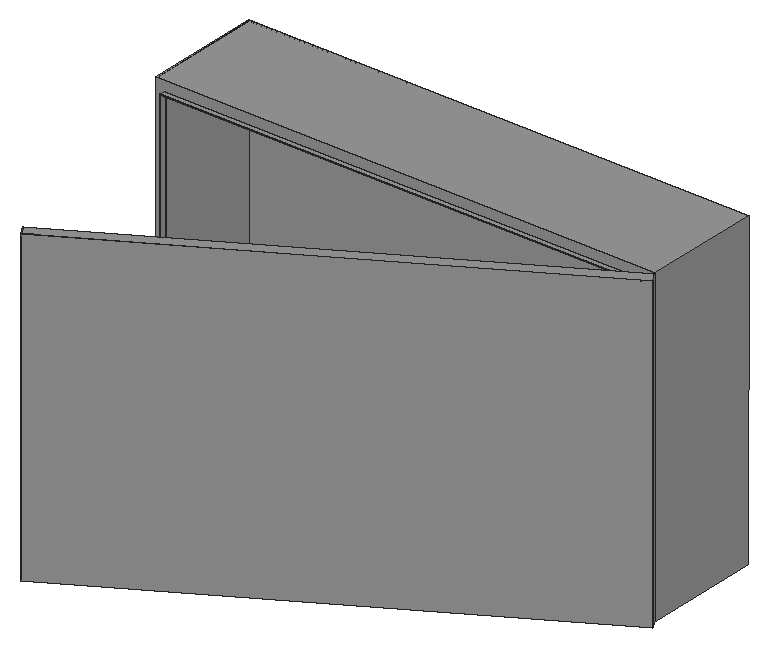
Revit family "Hager-Univers-IP44-D205-H500-Cl.II-Encl-NoHosted-PT-pt", category Electrical Equipment, Revit 2020
Family settings
  Panel Configuration = Two Columns, Circuits Across
  Round Connector Dimension = Use Diameter
  Part Type = Panelboard
  Work Plane-Based = Yes
  Always vertical = Yes
  Cut with Voids When Loaded = No
  Shared = No
  Room Calculation Point = No
Parameters (values of type "Montagem em superfície (gesso) IP44 L800 A500 P205  - FP33SN2")
  Width Control [instance] = if([EF000008 - Largura] > Min Width, [EF000008 - Largura], Min Width)  # 800 mm
  Type Comments = [HG000003 - Gama]  # "Univers"
  Thickness Door [instance] = if([EF009171 - Espessura do material da porta/tampa] > 3 mm, 3 mm, [EF009171 - Espessura do material da porta/tampa])  # 1 mm
  Seal Frame Offset [instance] = 17 mm  # constant formula
  Plinth Visibility [instance] = [HG000027 - Altura da Plinta] > 0 mm  # no
  Min Width [instance] = 100 mm  # constant formula
  Min Depth [instance] = (2 * [EF009170 - Espessura do material do invólucro]) + 1 mm  # 3 mm
  Min Height [instance] = 100 mm  # constant formula
  Internal Frame Depth [instance] = (Door System Depth * 0.5)  # 9 mm
  Panel Name [instance] = ""  # (empty or 0)
  Model = ""
  HG000027 - Altura da Plinta = 0 mm
  HG000026 - Instalação no chão = no
  HG000024 - Altura da secção inferior = 600 mm
  HG000023 - Recinto de secção dupla = no
  HG000016 - Visibilidade da porta 3D [instance] = yes
  HG000015 - Visibilidade através da porta [instance] = no
  HG000014 - Porta à direita [instance] = yes
  HG000013 - Porta à esquerda [instance] = not([HG000014 - Porta à direita])  # no
  HG000012 - Ângulo de abertura de porta [instance] = 30.00°
  HG000010 - Portas assimétricas = no
  HG000009 - Porta dupla = no
  HG000006 - Encastrado = no
  HG000004 - Referência do Fabricante = "FP33SN2"
  HG000003 - Gama = "Univers"
  HG000002 - Com porta ou tampa = yes
  Frame Offset Bottom [instance] = 10 mm  # constant formula
  Frame Offset [instance] = 15 mm  # constant formula
  EF015940 - Tampa com libertação de sobrepressão = no
  EF011959 - Grau de proteção (NEMA) = ""
  EF009554 - Número de aberturas para placas de flange = 6
  EF009212 - Tipo de tampa = "EV000116 - Fechado"
  EF009171 - Espessura do material da porta/tampa = 1 mm
  EF009170 - Espessura do material do invólucro = 1 mm
  EF008873 - Corrente nominal (In) = 250 A
  EF007800 - Adequado para proteção contra raios = no
  EF006306 - Com fecho = no
  EF006244 - Tampa/porta transparente = no
  EF005474 - Grau de proteção (IP) = "EV006418 - IP44"
  EF004464 - Tipo de porta = "EV002646 - Único"
  EF004427 - Número de módulos = 108
  EF004293 - Força de impacto = "EV006815 - IK09"
  EF003532 - Adequado para uso no exterior = no
  EF002950 - Largura em número de módulos = 36
  EF001613 - Integridade do circuito = "EV000494 - Nenhum"
  EF001596 - Material do corpo = "EV000179 - Aço"
  EF001131 - Profundidade interior = 143 mm
  EF001088 - Extensão possível = yes
  EF000437 - Número de entradas de condutores = 6
  EF000339 - Tipo de difusor = "EV001012 - Tampa"
  EF000266 - Número de linhas = 3
  EF000218 - Profundidade incorporada = 205 mm
  EF000118 - Com tampa de montagem = no
  EF000116 - Número RAL = "9010"
  EF000049 - Profundidade = 205 mm
  EF000040 - Altura = 500 mm
  EF000008 - Largura = 800 mm
  EF000007 - Cor = "EV000202 - Branco"
  EF000003 - Método de montagem = "EV000384 - Montagem em superfície (gesso)"
  Door System Leaf Tolerance [instance] = 1.5 mm  # constant formula
  Door System Depth [instance] = 18 mm  # constant formula
  Door Height [instance] = Height Control - [HG000027 - Altura da Plinta]  # 500 mm
  Description = ""
  Default Elevation = 1219.2 mm
  Connector Offset [instance] = Height Control / 2  # 250 mm
  Manufacturer = "Hager"  # constant formula
  Height Control [instance] = if([EF000040 - Altura] > Min Height, [EF000040 - Altura], Min Height)  # 500 mm
  Depth Control [instance] = if([EF000049 - Profundidade] > Min Depth, [EF000049 - Profundidade], Min Depth)  # 205 mm
  Bottom Top Plate Trim [instance] = 1.5 mm  # constant formula
  Plinth height Ctrl [instance] = if([HG000027 - Altura da Plinta] > 0 mm, [HG000027 - Altura da Plinta], 12 mm)  # 12 mm
Types (5, lengths in mm): name | Width Control | HG000010 - Portas assimétricas | HG000009 - Porta dupla | HG000004 - Referência do Fabricante | EF009554 - Número de aberturas para placas de flange | EF004464 - Tipo de porta | EF004427 - Número de módulos | EF002950 - Largura em número de módulos | EF000437 - Número de entradas de condutores | EF000008 - Largura
  Montagem em superfície (gesso) IP44 L1050 A500 P205  - FP34SN2 | 1050 | no | yes | "FP34SN2" | 8 | "EV003602 - Duplo" | 144 | 48 | 8 | 1050
  Montagem em superfície (gesso) IP44 L1300 A500 P205  - FP35SN2 | 1300 | yes | yes | "FP35SN2" | 10 | "EV003602 - Duplo" | 180 | 60 | 10 | 1300
  Montagem em superfície (gesso) IP44 L300 A500 P205  - FP31SN2 | 300 | no | no | "FP31SN2" | 2 | "EV002646 - Único" | 36 | 12 | 2 | 300
  Montagem em superfície (gesso) IP44 L550 A500 P205  - FP32SN2 | 550 | no | no | "FP32SN2" | 4 | "EV002646 - Único" | 72 | 24 | 4 | 550
  Montagem em superfície (gesso) IP44 L800 A500 P205  - FP33SN2 | 800 | no | no | "FP33SN2" | 6 | "EV002646 - Único" | 108 | 36 | 6 | 800
Reference planes
  plane 1 "Center (Front/Back)": y = 0
  plane 2: z = 0
  plane 3 "Center (Left/Right)": x = 0
  plane 4: y = 0
  plane 5: y = 0
  plane 6: z = 0
  plane 7: x = -400
  plane 8: x = 400
  plane 9: x = 399
  plane 10: x = -399
  plane 11: z = 0
  plane 12: z = 1
  plane 13: y = -205
  plane 14: y = -1
  plane 15: x = 0
  plane 16: y = -187
  plane 17: y = -204
  plane 18: y = -186
  plane 19: x = -384
  plane 20: x = 384
  plane 21: z = 11
  plane 22: x = -383
  plane 23: x = 383
  plane 24: z = 0
  plane 25: z = 500
  plane 26: z = 500
  plane 27: z = 484
  plane 28: z = 499
Forms (mm)
  Extrusion 1, solid, material "Hager_Steel_RAL7035_Light_Grey", detail levels medium+fine
    sketch origin (-208.679, -4572, 0) x (-1, 0, 0) y (0, -1, 0)
      loop
        line (191.321, -4385) -> (-608.679, -4385) -> (-608.679, -4572) -> (191.321, -4572) -> (191.321, -4385)
    from 0 to 500
  Extrusion 2, void
    sketch origin (-350.771, -205, 1219.2) x (1, 0, 0) y (0, 0, 1)
      loop
        line (-48.229, -720.2) -> (-48.229, -1218.2) -> (749.771, -1218.2) -> (749.771, -720.2) -> (-48.229, -720.2)
    from -19 to -204
  Extrusion 3, void
    sketch origin (-290.084, -187, 1219.2) x (1, 0, 0) y (0, 0, 1)
      loop
        line (-93.916, -1208.2) -> (674.084, -1208.2) -> (674.084, -735.2) -> (-93.916, -735.2) -> (-93.916, -1208.2)
    from 0 to -1
  Extrusion 4, solid, material "Hager_Steel_RAL7035_Light_Grey", visible <- "Plinth Visibility", detail levels medium+fine
    sketch origin (0, 0, 0) x (1, 0, 0) y (0, 1, 0)
      loop
        line (-400, 0) -> (-400, -187) -> (400, -187) -> (400, 0) -> (-400, 0)
    from 0 to 12 <- "Plinth height Ctrl"
  Extrusion 5, solid, material "Hager_Steel_RAL7035_Light_Grey", detail levels coarse
    sketch origin (0, 0, 0) x (1, 0, 0) y (0, 1, 0)
      loop
        line (-400, 0) -> (-400, -205) -> (400, -205) -> (400, 0) -> (-400, 0)
    from 0 to 500 <- "Height Control"
  Sweep 6, void
    path in 3D
      loop
        line (-400, -187, 12) -> (400, -187, 12) -> (400, 0, 12) -> (-400, 0, 12) -> (-400, -187, 12)
    profile origin (-400, -93.5, 12) x (1, 0, 0) y (0, 0, 1)
      loop
        line (0, 0) -> (0, -1.5) -> (1.5, -1.5)
        arc (1.5, -1.5) -> (1.061, -0.439) -> (0, 0) r 1.5
  Extrusion 7, solid, material "Hager_Steel_RAL7035_Light_Grey", detail levels fine
    sketch origin (-400, -187, 0) x (1, 0, 0) y (0, 0, 1)
      loop
        line (16, 11) -> (784, 11) -> (784, 484) -> (16, 484) -> (16, 11)
      loop
        line (15, 10) -> (785, 10) -> (785, 485) -> (15, 485) -> (15, 10)
    from 0 to 9 <- "Internal Frame Depth"
Cuts and joins
  Extrusion 2, Extrusion 3 cuts Extrusion 1
  Sweep 6 cuts Extrusion 4
Lines and regions (mm)
  Masking region 1
    outline origin (0, 0, 0) x (1, 0, 0) y (0, 1, 0)
      loop
        line (-400, 0) -> (-400, -205) -> (400, -205) -> (400, 0) -> (-400, 0)
  Masking region 2, detail levels coarse
    outline origin (-290.084, -187, 1219.2) x (-1, 0, 0) y (0, 0, 1)
      loop
        line (-690.084, -1219.2) -> (109.916, -1219.2) -> (109.916, -719.2) -> (-690.084, -719.2) -> (-690.084, -1219.2)
  Masking region 3, detail levels coarse
    outline origin (0, 0, 0) x (0, 1, 0) y (0, 0, 1)
      loop
        line (0, 0) -> (0, 500) -> (-205, 500) -> (-205, 0) -> (0, 0)
  Masking region 4, visible <- "Plinth Visibility", detail levels medium+fine
    outline origin (0, 0, 0) x (0, 1, 0) y (0, 0, 1)
      loop
        line (-1.5, 12) -> (-185.5, 12)
        arc (-185.5, 12) -> (-185.939, 10.939) -> (-187, 10.5) r 1.5
        line (-187, 10.5) -> (-187, 0) -> (0, 0) -> (0, 10.5)
        arc (0, 10.5) -> (-1.061, 10.939) -> (-1.5, 12) r 1.5
  Masking region 5, detail levels medium+fine
    outline origin (0, 0, 594.038) x (0, 1, 0) y (0, 0, 1)
      loop
        line (0, -594.038) -> (0, -94.038) -> (-187, -94.038) -> (-187, -594.038) -> (0, -594.038)
  Masking region 6, detail levels medium+fine
    outline origin (-359.7, -187, 1211.883) x (-1, 0, 0) y (0, 0, 1)
      loop
        line (-759.7, -1211.883) -> (40.3, -1211.883) -> (40.3, -711.883) -> (-759.7, -711.883) -> (-759.7, -1211.883)
  Masking region 7, visible <- "Plinth Visibility", detail levels medium+fine
    outline origin (-320.334, -187, 1041.368) x (-1, 0, 0) y (0, 0, 1)
      loop
        line (-720.334, -1041.368) -> (79.666, -1041.368) -> (79.666, -1030.868)
        arc (79.666, -1030.868) -> (78.606, -1030.429) -> (78.166, -1029.368) r 1.5
        line (78.166, -1029.368) -> (-718.834, -1029.368)
        arc (-718.834, -1029.368) -> (-719.273, -1030.429) -> (-720.334, -1030.868) r 1.5
        line (-720.334, -1030.868) -> (-720.334, -1041.368)
  sketch lines
    curve 1: line (-400, 0, 12) -> (-400, -187, 12)
    curve 2: line (-400, -187, 12) -> (400, -187, 12)
    curve 3: line (400, 0, 12) -> (-400, 0, 12)
    curve 4: line (400, -187, 12) -> (400, 0, 12)
Dimensions and locks
  locked: plane 1 "Center (Front/Back)" to plane 5
  "EF009170 - Espessura do material do invólucro": plane 7 to plane 10
  "EF009170 - Espessura do material do invólucro": plane 8 to plane 9
  equal spacing: plane 7, plane 3 "Center (Left/Right)", plane 8
  "Width Control": plane 7 to plane 8
  "Depth Control": plane 4 to plane 13
  "EF009170 - Espessura do material do invólucro": plane 4 to plane 14
  "Height Control": plane 25 to level
  "HG000027 - Altura da Plinta": plane 11 to level
  "EF009170 - Espessura do material do invólucro": plane 12 to plane 11
  "EF009170 - Espessura do material do invólucro": plane 17 to plane 13
  "EF009170 - Espessura do material do invólucro": plane 18 to plane 16
  "Frame Offset Bottom": plane 21 to plane 12
  "Frame Offset": plane 10 to plane 19
  "Frame Offset": plane 9 to plane 20
  "Door System Depth": plane 16 to plane 13
  "Seal Frame Offset": plane 7 to plane 22
  "Seal Frame Offset": plane 8 to plane 23
  "EF009170 - Espessura do material do invólucro": plane 26 to plane 28
  "Frame Offset": plane 28 to plane 27
  "Connector Offset": plane 2 to connector elem
  "Bottom Top Plate Trim": profile plane to Sweep 6 sketch curve
  "Bottom Top Plate Trim": Sweep 6 sketch curve to Sweep 6 sketch curve
  "Plinth height Ctrl": Masking region 4 sketch curve to level
  "Plinth height Ctrl": Masking region 7 sketch curve to level
  "Thickness Door": Extrusion 7 sketch curve to Extrusion 7 sketch curve  (x4)
  "Bottom Top Plate Trim": radius of Sweep 6 sketch curve
  "Bottom Top Plate Trim": radius of Masking region 4 sketch curve  (x2)
  "Bottom Top Plate Trim": radius of Masking region 7 sketch curve  (x2)
  aligned and locked: Extrusion 2 sketch curve to plane 12
  aligned and locked: Extrusion 2 sketch curve to plane 9
  aligned and locked: Extrusion 2 sketch curve to plane 10
  aligned and locked: Extrusion 2 to plane 14
  aligned and locked: Extrusion 1 sketch curve to plane 4
  aligned and locked: plane 8 to Extrusion 1 sketch curve
  aligned and locked: plane 7 to Extrusion 1 sketch curve
  aligned and locked: Extrusion 2 to plane 18
  aligned and locked: plane 19 to Extrusion 3 sketch curve
  aligned and locked: plane 20 to Extrusion 3 sketch curve
  aligned and locked: Extrusion 3 to Extrusion 2
  aligned and locked: Extrusion 3 sketch curve to plane 21
  aligned and locked: plane 3 "Center (Left/Right)" to nested 1
  aligned and locked: Extrusion 1 sketch curve to plane 16
  aligned and locked: Extrusion 4 sketch curve to cut or joined group of Extrusion 1, Extrusion 2, Extrusion 3
  aligned and locked: Masking region 1 sketch curve to plane 7
  aligned and locked: Masking region 1 sketch curve to plane 5
  aligned and locked: Masking region 1 sketch curve to plane 8
  aligned and locked: Masking region 2 sketch curve to level
  aligned and locked: level to Masking region 3 sketch curve
  aligned and locked: plane 1 "Center (Front/Back)" to Masking region 3 sketch curve
  aligned and locked: plane 13 to Masking region 3 sketch curve
  aligned and locked: plane 5 to Masking region 4 sketch curve
  aligned and locked: Masking region 2 sketch curve to plane 8
  aligned and locked: Masking region 2 sketch curve to plane 7
  aligned and locked: plane 7 to nested 2
  aligned and locked: nested 2 to plane 5
  aligned and locked: plane 5 to Masking region 5 sketch curve
  aligned and locked: plane 26 to Masking region 5 sketch curve
  aligned and locked: Extrusion 5 sketch curve to plane 8
  aligned and locked: Extrusion 5 sketch curve to plane 7
  aligned and locked: Extrusion 5 sketch curve to plane 5
  aligned and locked: Extrusion 3 sketch curve to plane 27
  aligned and locked: Extrusion 2 sketch curve to plane 28
  aligned and locked: Masking region 2 to plane 25
  aligned and locked: Extrusion 4 to plane 16
  aligned and locked: profile plane to Sweep 6 sketch curve
  aligned and locked: Masking region 5 sketch curve to plane 24
  aligned and locked: level to Masking region 4 sketch curve
  aligned and locked: Masking region 1 to plane 13
  aligned and locked: nested 1 to plane 16
  aligned and locked: Masking region 3 to plane 25
  aligned and locked: plane 16 to Masking region 4 sketch curve
  aligned and locked: Masking region 5 sketch curve to plane 16
  aligned and locked: plane 24 to plane 11
  aligned and locked: plane 26 to plane 25
  aligned and locked: plane 26 to cut or joined group of Extrusion 1, Extrusion 2, Extrusion 3
  aligned and locked: nested 1 to plane 24
  aligned and locked: Extrusion 1 to Extrusion 3
  aligned and locked: Masking region 6 sketch curve to plane 8
  aligned and locked: Masking region 6 sketch curve to plane 24
  aligned and locked: Masking region 6 sketch curve to plane 7
  aligned and locked: Masking region 6 sketch curve to plane 26
  aligned and locked: Masking region 7 sketch curve to plane 7
  aligned and locked: level to Masking region 7 sketch curve
  aligned and locked: Masking region 7 sketch curve to plane 8
  aligned and locked: Extrusion 7 sketch curve to cut or joined group of Extrusion 1, Extrusion 2, Extrusion 3  (x4)
Automatic sketch dimensions
  plane 19 to Extrusion 3 sketch curve = 0 mm
  Extrusion 3 sketch curve to plane 20 = 0 mm
  Extrusion 3 sketch curve to plane 21 = 0 mm
  Extrusion 4 sketch curve to plane 7 = 0 mm
  Extrusion 4 sketch curve to plane 8 = 0 mm
  Extrusion 4 sketch curve to plane 16 = 0 mm
  Masking region 1 sketch curve to plane 13 = 0 mm
  Masking region 2 sketch curve to plane 25 = 0 mm
  Masking region 3 sketch curve to plane 25 = 0 mm
  Extrusion 5 sketch curve to plane 13 = 0 mm
  profile plane to Sweep 6 sketch curve = 0 mm
Nested families
  nested 1: "EC000058_Univers_Door" at (0, -187, 0), Double <- "HG000009 - Porta dupla", Transparent <- "EF006244 - Tampa/porta transparente", Angle <- "HG000012 - Ângulo de abertura de porta", Door_Right <- "HG000014 - Porta à direita", Assymetrical <- "HG000010 - Portas assimétricas", Door <- "HG000002 - Com porta ou tampa", Width_Ctrl <- "Width Control", 3d_Door <- "HG000016 - Visibilidade da porta 3D", Clearance <- "HG000015 - Visibilidade através da porta", Door_Left <- "HG000013 - Porta à esquerda", Width <- "Width Control", Door_Depth <- "Door System Depth", Leaf_Tolerance <- "Door System Leaf Tolerance", Height <- "Door Height", Lock_Visibility <- "EF006306 - Com fecho", Thickness <- "Thickness Door", type "EC000058_Univers_Door", detail levels medium+fine
    with min_wh 3 mm, Width_Ctrl 800 mm, Width 800 mm, Transparent no, Thickness 1 mm, Seal_Material Hager_Rubber, Lock_Visibility no, Lock_Material Hager_Plastic_RAL9005_Jet_Black, Leaf_Width 800 mm, Leaf_Tolerance_External_Sides 0 mm, Leaf_Tolerance 1.5 mm, Leaf_Offset 0 mm, Leaf_Height 497 mm, Leaf_2_Width 800 mm, Leaf_2_Offset 400 mm, Leaf_1_Width 800 mm, Leaf_1_Offset 400 mm, Height_Ctrl 500 mm, Height 500 mm, Glass_Material Hager_Glass, Double_Clearance_Ctrl no, Double no, Door_Right_Ctrl yes, Door_Right yes, Door_Material Hager_Steel_RAL7035_Light_Grey, Door_Left_Ctrl no, Door_Left no, Door_Depth 18 mm, Door yes, Clearance_Material Hager_Clearance, Clearance_Depth 800 mm, Clearance_Ctrl no, Clearance no, Assymetrical no, Angle 30.00°, 3d_Door yes
  nested 2: "Hager_Enclosure_Symbol" at (-400, 0, 0), Height <- "Depth Control", Width <- "Width Control", type "Hager_Enclosure_Symbol"
    with Width_Ctrl 800 mm, Width 800 mm, Height_Ctrl 205 mm, Height 205 mm, A_Width_Int 13.453 mm, A_Width 161.438 mm, A_Height_Ctrl 179.375 mm, A_Height 179.375 mm
Connectors
  electrical at (0, 0, 250)
    settings: on plane 1 "Center (Front/Back)", index 1, voltage 0 V, apparent load 0 VA, apparent load phase1 0 VA, apparent load phase2 0 VA, apparent load phase3 0 VA, power factor 1, load classification "Other", number of poles 1, system type 30, power factor state 1, is connector primary yes, connector utility no, sub classification motor no, connector description ""
Definition of nested family "EC000058_Univers_Door"
  Parameters (values of type "EC000058_Univers_Door")
    min_wh [instance] = (2 * Thickness) + 1 mm  # 11 mm
    Width_Ctrl [instance] = 400 mm
    Width [instance] = 500 mm
    Transparent [instance] = yes
    Thickness [instance] = 5 mm
    Seal_Material [instance] = none
    Lock_Visibility [instance] = yes
    Lock_Material [instance] = none
    Leaf_Width [instance] = if((Width_Ctrl - 2 * Leaf_Tolerance_External_Sides) > 0 mm, (Width_Ctrl - 2 * Leaf_Tolerance_External_Sides), min_wh)  # 400 mm
    Leaf_Tolerance_External_Sides [instance] = 0 mm  # constant formula
    Leaf_Tolerance [instance] = 1.5 mm
    Leaf_Offset [instance] = 0 mm  # constant formula
    Leaf_Height [instance] = if((Height_Ctrl - 2 * Leaf_Tolerance) > 0 mm, (Height_Ctrl - 2 * Leaf_Tolerance), min_wh)  # 497 mm
    Leaf_2_Width [instance] = if(and(and(Double, Assymetrical), Door_Left), (Leaf_Width / 3) - (Leaf_Tolerance / 2), if(and(and(Double, Assymetrical), Door_Right), (Leaf_Width / 3) * 2 - (Leaf_Tolerance / 2), if(and(Double, not(Assymetrical)), (Leaf_Width / 2) - Leaf_Tolerance, Leaf_Width)))  # 400 mm
    Leaf_2_Offset [instance] = if(and(Double, Assymetrical), Leaf_2_Width / 2, if(and(Double, not(Assymetrical)), Leaf_Width / 4, Leaf_Width / 2))  # 200 mm
    Leaf_1_Width [instance] = if(and(and(Double, Assymetrical), Door_Right), (Leaf_Width / 3) - (Leaf_Tolerance / 2), if(and(and(Double, Assymetrical), Door_Left), (Width / 3) * 2 - (Leaf_Tolerance / 2), if(and(Double, not(Assymetrical)), (Leaf_Width / 2) - Leaf_Tolerance, Leaf_Width)))  # 400 mm
    Leaf_1_Offset [instance] = if(and(Double, Assymetrical), Leaf_1_Width / 2, if(and(Double, not(Assymetrical)), Leaf_Width / 4, Leaf_Width / 2))  # 200 mm
    Height_Ctrl [instance] = if(Height > min_wh, Height, min_wh)  # 500 mm
    Height [instance] = 500 mm
    Glass_Material [instance] = none
    Double_Clearance_Ctrl [instance] = and(Double, Clearance)  # no
    Double [instance] = no
    Door_Right_Ctrl [instance] = and(or(Door_Right, Double), Door)  # yes
    Door_Right [instance] = yes
    Door_Material [instance] = none
    Door_Left_Ctrl [instance] = and(or(Door_Left, Double), Door)  # no
    Door_Left [instance] = no
    Door_Depth [instance] = 30 mm
    Door [instance] = yes
    Default Elevation = 1219.2 mm
    Clearance_Material [instance] = none
    Clearance_Depth [instance] = if(Leaf_1_Width > Leaf_2_Width, Leaf_1_Width, Leaf_2_Width)  # 400 mm
    Clearance_Ctrl [instance] = and(not(Double), Clearance)  # yes
    Clearance [instance] = yes
    Assymetrical [instance] = yes
    Angle [instance] = 30.00°
    3d_Door [instance] = yes
  Reference planes
    plane 1 "Center (Front/Back)": y = 0
    plane 2 "Bottom": z = 0
    plane 3 "Center (Left/Right)": x = 0
    plane 4: z = 500
    plane 5: x = -200
    plane 6: x = 200
    plane 7: z = 500
    plane 8: x = -200
    plane 9: z = 0
    plane 10: x = 200
    plane 11: y = 0
    plane 12: z = 1.5
    plane 13: x = -600
    plane 14: y = -400
    plane 15: x = 600
    plane 16: x = 0
    plane 17: x = 0
    plane 18: x = -200
    plane 19: x = 200
    plane 20: z = 498.5
  Forms (mm)
    Extrusion 1, solid, material <- "Clearance_Material", visible <- "Double_Clearance_Ctrl"
      sketch origin (1200, 0, 0) x (1, 0, 0) y (0, 0, -1)
        loop
          line (-1800, -498.5) -> (-600, -498.5) -> (-600, 0) -> (-1800, 0) -> (-1800, -498.5)
      from 0 to -400
  Dimensions and locks
    equal spacing: plane 5, plane 3 "Center (Left/Right)", plane 6
    "Width_Ctrl": plane 5 to plane 6
    "Leaf_Offset": plane 5 to plane 8
    "Leaf_Offset": plane 6 to plane 10
    "Leaf_Offset": plane 9 to level
    "Leaf_Offset": plane 4 to plane 7
    "Height_Ctrl": plane 4 to level
    "Leaf_Tolerance": plane 12 to plane 9
    locked: plane 11 to plane 1 "Center (Front/Back)"
    "Leaf_1_Offset": plane 18 to plane 16
    "Leaf_2_Offset": plane 17 to plane 19
    "Leaf_1_Width": plane 13 to plane 8
    "Leaf_2_Width": plane 10 to plane 15
    "Clearance_Depth": plane 14 to plane 1 "Center (Front/Back)"
    "Leaf_Tolerance_External_Sides": plane 8 to plane 18
    "Leaf_Tolerance_External_Sides": plane 19 to plane 10
    "Leaf_Tolerance": plane 7 to plane 20
    aligned and locked: level to plane 2 "Bottom"
    aligned and locked: nested 1 to plane 16
    aligned and locked: nested 2 to plane 17
    aligned and locked: Extrusion 1 to plane 13
    aligned and locked: plane 15 to Extrusion 1
    aligned and locked: Extrusion 1 to plane 14
    aligned and locked: plane 12 to nested 1
    aligned and locked: nested 2 to plane 12
    aligned and locked: Extrusion 1 to plane 11
    aligned and locked: plane 20 to Extrusion 1
    aligned and locked: nested 2 to plane 11
    aligned and locked: nested 1 to plane 11
  Automatic sketch dimensions
    Extrusion 1 sketch curve to level = 0 mm
    plane 5 to Extrusion 1 sketch curve = 400 mm
    plane 6 to Extrusion 1 sketch curve = 400 mm
    Extrusion 1 sketch curve to plane 4 = 1.5 mm
  Nested families
    nested 1: "EC000058_Univers_Door_Leaf" at (0, 0, 1.5), Width <- "Leaf_1_Width", visible <- "Door_Left_Ctrl", Leaf_Height <- "Leaf_Height", Angle <- "Angle", 3d_Door <- "3d_Door", Transparent <- "Transparent", Clearance Material <- "Clearance_Material", Clearance <- "Clearance_Ctrl", Door_Material <- "Door_Material", Glass_Material <- "Glass_Material", Door_Depth <- "Door_Depth", Lock_Material <- "Lock_Material", Seal_Material <- "Seal_Material", Lock_Visibility <- "Lock_Visibility", Thickness <- "Thickness", type "EC000058_Univers_Door_Leaf"
      with Width 400 mm, Transparent_Glass_Offset 30 mm, Transparent_Ctrl yes, Transparent yes, Thickness 5 mm, Standard no, Seal_Material none, Seal_D2 8 mm, Seal_D1 1 mm, Offset_Internal_Frame 10 mm, Lock_Width 20 mm, Lock_Visibility_3d yes, Lock_Visibility yes, Lock_Thickness_3 3 mm, Lock_Thickness_2 1 mm, Lock_Thickness_1 3 mm, Lock_Radius_Offset_2 16 mm, Lock_Radius_Offset_1 15 mm, Lock_Radius_2 5 mm, Lock_Radius 6 mm, Lock_Offset 5 mm, Lock_Material none, Lock_Height 80 mm, Lock_Cover_Top_Offset_2d 17 mm, Lock_Cover_Height -65 mm, Leaf_Height 497 mm, Internal_Seal_Thickness 8 mm, Internal_Seal_Depth_2 4.5 mm, Internal_Frame_Depth 25 mm, Glass_Thickness -1 mm, Glass_Offset -2 mm, Glass_Material none, Door_Material none, Door_Depth 30 mm, Clearance Material none, Clearance yes, Angle_Ctrl 30.00°, Angle 30.00°, 3d_Door yes
    nested 2: "EC000058_Univers_Door_Leaf" at (0, 0, 1.5) x (-1, 0, 0) z (0, 0, 1), Width <- "Leaf_2_Width", visible <- "Door_Right_Ctrl", Leaf_Height <- "Leaf_Height", Angle <- "Angle", 3d_Door <- "3d_Door", Transparent <- "Transparent", Clearance Material <- "Clearance_Material", Clearance <- "Clearance_Ctrl", Door_Material <- "Door_Material", Glass_Material <- "Glass_Material", Door_Depth <- "Door_Depth", Lock_Material <- "Lock_Material", Seal_Material <- "Seal_Material", Lock_Visibility <- "Lock_Visibility", Thickness <- "Thickness", type "EC000058_Univers_Door_Leaf"
      with Width 400 mm, Transparent_Glass_Offset 30 mm, Transparent_Ctrl yes, Transparent yes, Thickness 5 mm, Standard no, Seal_Material none, Seal_D2 8 mm, Seal_D1 1 mm, Offset_Internal_Frame 10 mm, Lock_Width 20 mm, Lock_Visibility_3d yes, Lock_Visibility yes, Lock_Thickness_3 3 mm, Lock_Thickness_2 1 mm, Lock_Thickness_1 3 mm, Lock_Radius_Offset_2 16 mm, Lock_Radius_Offset_1 15 mm, Lock_Radius_2 5 mm, Lock_Radius 6 mm, Lock_Offset 5 mm, Lock_Material none, Lock_Height 80 mm, Lock_Cover_Top_Offset_2d 17 mm, Lock_Cover_Height -65 mm, Leaf_Height 497 mm, Internal_Seal_Thickness 8 mm, Internal_Seal_Depth_2 4.5 mm, Internal_Frame_Depth 25 mm, Glass_Thickness -1 mm, Glass_Offset -2 mm, Glass_Material none, Door_Material none, Door_Depth 30 mm, Clearance Material none, Clearance yes, Angle_Ctrl 30.00°, Angle 30.00°, 3d_Door yes
  Definition of nested family "EC000058_Univers_Door_Leaf"
    Parameters (values of type "EC000058_Univers_Door_Leaf")
      Width [instance] = 2000 mm
      Transparent_Glass_Offset [instance] = 30 mm
      Transparent_Ctrl [instance] = and(Transparent, [3d_Door])  # yes
      Transparent [instance] = yes
      Thickness [instance] = 5 mm
      Standard [instance] = and(not(Transparent), [3d_Door])  # no
      Seal_Material [instance] = none
      Seal_D2 [instance] = 8 mm  # constant formula
      Seal_D1 [instance] = 1 mm  # constant formula
      Offset_Internal_Frame [instance] = 10 mm  # constant formula
      Lock_Width [instance] = 20 mm  # constant formula
      Lock_Visibility_3d [instance] = and(Lock_Visibility, [3d_Door])  # yes
      Lock_Visibility [instance] = yes
      Lock_Thickness_3 [instance] = 3 mm  # constant formula
      Lock_Thickness_2 [instance] = 1 mm  # constant formula
      Lock_Thickness_1 [instance] = 3 mm  # constant formula
      Lock_Radius_Offset_2 [instance] = Lock_Radius_Offset_1 + 1 mm  # 16 mm
      Lock_Radius_Offset_1 [instance] = 15 mm  # constant formula
      Lock_Radius_2 [instance] = Lock_Radius - 1 mm  # 5 mm
      Lock_Radius [instance] = 6 mm  # constant formula
      Lock_Offset [instance] = 5 mm  # constant formula
      Lock_Material [instance] = none
      Lock_Height [instance] = 80 mm  # constant formula
      Lock_Cover_Top_Offset_2d [instance] = Lock_Radius_Offset_2 + 1 mm  # 17 mm
      Lock_Cover_Height [instance] = -(Lock_Height - Lock_Radius_Offset_1)  # -65 mm
      Leaf_Height [instance] = 2720.336 mm
      Internal_Seal_Thickness [instance] = 8 mm  # constant formula
      Internal_Seal_Depth_2 [instance] = 4.5 mm  # constant formula
      Internal_Frame_Depth [instance] = if(Door_Depth - Thickness > 5 mm, Door_Depth - Thickness, 5 mm)  # 25 mm
      Glass_Thickness [instance] = if(Thickness > 15 mm, Glass_Offset + 10 mm, -1 mm)  # -1 mm
      Glass_Offset [instance] = if(Thickness > 15 mm, -(Thickness + 10 mm) / 2, -2 mm)  # -2 mm
      Glass_Material [instance] = none
      Door_Material [instance] = none
      Door_Depth [instance] = 30 mm
      Default Elevation = 0 mm
      Clearance Material [instance] = none
      Clearance [instance] = yes
      Angle_Ctrl [instance] = if(Angle > 180.00°, 180.00°, Angle)  # 90.00°
      Angle [instance] = 90.00°
      3d_Door [instance] = yes
    Reference planes
      plane 1 "Center (Front/Back)": y = 0
      plane 2: z = 0
      plane 3 "Center (Left/Right)": x = 0
      plane 4: y = 2000
      plane 5: x = -1000
      plane 6: x = 1000
      plane 7: x = -3000
      plane 8: z = 2720.336
      plane 9: z = 30
      plane 10: z = 2690.336
      plane 11: x = 970
      plane 12: x = -970
      plane 13: y = -3
      plane 14: z = 107.833
      plane 15: y = -5
      plane 16: y = -223.314
      plane 17: x = -1000
      plane 18: z = 1360.168
      plane 19: y = 30
    Forms (mm)
      Extrusion 1, solid, material <- "Clearance Material", visible <- "Clearance"
        sketch origin (0, 0, 0) x (1, 0, 0) y (0, 0, 1)
          loop
            line (-3000, 2720.336) -> (-3000, 0) -> (1000, 0) -> (1000, 2720.336) -> (-3000, 2720.336)
        from 0 to -2000
      Extrusion 2, solid, material <- "Door_Material", visible <- "Standard", detail levels medium+fine
        sketch origin (-1000, 0, 0) x (0, 1, 0) y (-1, 0, 0)
          loop
            line (0, 30) -> (0, 25) -> (2000, 25) -> (2000, 30) -> (0, 30)
        from 0 to 2720.336 <- "Leaf_Height"
      Extrusion 3, solid, material <- "Door_Material", visible <- "Transparent_Ctrl", detail levels medium+fine
        sketch origin (-1000, 0, 0) x (0, 1, 0) y (-1, 0, 0)
          loop
            line (0, 25) -> (2000, 25) -> (2000, 30) -> (0, 30) -> (0, 25)
        from 0 to 2720.336 <- "Leaf_Height"
      Extrusion 4, void
        sketch origin (-1025, 2000, 0) x (0, 1, 0) y (0, 0, -1)
          loop
            line (-30, -2690.336) -> (-30, -30) -> (-1970, -30) -> (-1970, -2690.336) -> (-30, -2690.336)
        from 0 to 5 <- "Thickness"
      Sweep 5, solid, material <- "Seal_Material", visible <- "Transparent_Ctrl", detail levels fine
        path in 3D
          loop
            line (-1025, 30, 30) -> (-1025, 30, 2690.336) -> (-1025, 1970, 2690.336) -> (-1025, 1970, 30) -> (-1025, 30, 30)
        profile origin (-1025, 1000, 30) x (1, 0, 0) y (0, 0, 1)
          loop
            line (0, 0) -> (0, -8) -> (1, -8) -> (1, 0) -> (0, 0)
      Extrusion 6, solid, material <- "Glass_Material", visible <- "Transparent_Ctrl", detail levels medium+fine
        sketch origin (-1030, 0, 0) x (0, 1, 0) y (0, 0, -1)
          loop
            line (1970, -2690.336) -> (1970, -30) -> (30, -30) -> (30, -2690.336) -> (1970, -2690.336)
        from -2 <- "Glass_Offset" to -1 <- "Glass_Thickness"
      Extrusion 7, solid, material <- "Door_Material", visible <- "3d_Door", detail levels medium+fine
        sketch origin (-1025, 2000, 0) x (0, -1, 0) y (0, 0, -1)
          loop
            line (0, -2720.336) -> (2000, -2720.336) -> (2000, 0) -> (0, 0) -> (0, -2720.336)
          loop
            line (1995, -5) -> (5, -5) -> (5, -2715.336) -> (1995, -2715.336) -> (1995, -5)
        from 0 to 25 <- "Internal_Frame_Depth"
      Sweep 8, solid, material <- "Seal_Material", visible <- "Transparent_Ctrl", detail levels fine
        path in 3D
          loop
            line (-1025, 0, 0) -> (-1025, 2000, 0) -> (-1025, 2000, 2720.336) -> (-1025, 0, 2720.336) -> (-1025, 0, 0)
        profile origin (-1025, 0, 1360.168) x (1, 0, 0) y (0, 1, 0)
          loop
            line (0, 10) -> (2.975, 10)
            arc (2.975, 10) -> (4.053, 10.447) -> (4.5, 11.525) r 1.525
            line (4.5, 11.525) -> (4.5, 16.527)
            arc (4.5, 16.527) -> (4.069, 17.569) -> (3.027, 18) r 1.473
            line (3.027, 18) -> (0, 18) -> (0, 10)
      Extrusion 9, solid, material <- "Lock_Material", visible <- "Lock_Visibility_3d", detail levels fine
        sketch origin (-1030, 0, 0) x (0, 1, 0) y (0, 0, -1)
          loop
            arc (1993.5, -1400.168) -> (1994.561, -1399.729) -> (1995, -1398.668) r 1.5
            line (1995, -1398.668) -> (1995, -1320.168) -> (1975, -1320.168) -> (1975, -1398.668)
            arc (1975, -1398.668) -> (1975.439, -1399.729) -> (1976.5, -1400.168) r 1.5
            line (1976.5, -1400.168) -> (1993.5, -1400.168)
        from 3 <- "Lock_Thickness_1" to 0
      Blend 10, solid, material <- "Lock_Material", visible <- "Lock_Visibility_3d", detail levels fine
        base sketch origin (-1033, 0, 0) x (0, 1, 0) y (0, 0, -1)
          loop
            line (1975, -1320.168) -> (1975, -1398.668)
            arc (1975, -1398.668) -> (1975.439, -1399.729) -> (1976.5, -1400.168) r 1.5
            line (1976.5, -1400.168) -> (1993.5, -1400.168)
            arc (1993.5, -1400.168) -> (1994.561, -1399.729) -> (1995, -1398.668) r 1.5
            line (1995, -1398.668) -> (1995, -1320.168) -> (1975, -1320.168)
        top sketch origin (-1033, 0, 0) x (0, 1, 0) y (0, 0, -1)
          loop
            line (1976, -1320.168) -> (1976, -1398.668)
            arc (1976, -1398.668) -> (1976.146, -1399.022) -> (1976.5, -1399.168) r 0.5
            line (1976.5, -1399.168) -> (1993.5, -1399.168)
            arc (1993.5, -1399.168) -> (1993.854, -1399.022) -> (1994, -1398.668) r 0.5
            line (1994, -1398.668) -> (1994, -1320.168) -> (1976, -1320.168)
        from 0 to 1 <- "Lock_Thickness_2"
      Blend 11, solid, material <- "Lock_Material", visible <- "Lock_Visibility_3d", detail levels fine
        base sketch origin (-1034, 0, 0) x (0, 1, 0) y (0, 0, -1)
          loop
            line (1978, -1320.168) -> (1978, -1384.168)
            arc (1978, -1384.168) -> (1985, -1391.168) -> (1992, -1384.168) r 7
            line (1992, -1384.168) -> (1992, -1320.168) -> (1978, -1320.168)
        top sketch origin (-1034, 0, 0) x (0, 1, 0) y (0, 0, -1)
          loop
            line (1991, -1320.168) -> (1979, -1320.168) -> (1979, -1383.168)
            arc (1979, -1383.168) -> (1985, -1389.168) -> (1991, -1383.168) r 6
            line (1991, -1383.168) -> (1991, -1320.168)
        from 0 to 3 <- "Lock_Thickness_3"
      Extrusion 12, solid, material <- "Lock_Material", visible <- "Lock_Visibility_3d", detail levels fine
        sketch origin (-1030, 1975, 1320.168) x (1, 0, 0) y (0, -1, 0)
          loop
            line (-7, -19) -> (-7, -1) -> (0, -1) -> (0, 0) -> (-8, 0) -> (-8, -20) -> (0, -20) -> (0, -19) -> (-7, -19)
        from 0 to -65 <- "Lock_Cover_Height"
      Extrusion 13, void
        sketch origin (-1038, 1995, 1320.168) x (-1, 0, 0) y (0, 0, -1)
          loop
            line (-5, -65) -> (0, -65) -> (-5, -60) -> (-5, -65)
        from 0 to 20 <- "Lock_Width"
      Extrusion 14, void
        sketch origin (-1038, 1975, 1320.168) x (0, -1, 0) y (0, 0, -1)
          loop
            circle (-10, -15.995) r 6
          loop
            circle (-10, -15.995) r 5
        from 0 to 2
      Extrusion 15, solid, material <- "Lock_Material", visible <- "Lock_Visibility_3d", detail levels medium
        sketch origin (-1030, 0, 0) x (0, 1, 0) y (0, 0, -1)
          loop
            arc (1993.5, -1400.168) -> (1994.561, -1399.729) -> (1995, -1398.668) r 1.5
            line (1995, -1398.668) -> (1995, -1320.168) -> (1975, -1320.168) -> (1975, -1398.668)
            arc (1975, -1398.668) -> (1975.439, -1399.729) -> (1976.5, -1400.168) r 1.5
            line (1976.5, -1400.168) -> (1993.5, -1400.168)
        from 8 to 0
    Cuts and joins
      Extrusion 4 cuts Extrusion 3
      Extrusion 13, Extrusion 14 cuts Extrusion 9
      Extrusion 14 cuts Blend 11
      Extrusion 13, Extrusion 14 cuts Extrusion 12
      joined: Extrusion 9, Blend 10, Blend 11, Extrusion 12
      Extrusion 14 cuts Extrusion 15
    Lines and regions (mm)
      Masking region 1, visible <- "Lock_Visibility", detail levels fine
        outline origin (0, 0, 0) x (0, 1, 0) y (0, 0, 1)
          loop
            line (30, 1320.168) -> (33, 1320.168) -> (33, 1400.168) -> (30, 1400.168) -> (30, 1320.168)
      Masking region 2, visible <- "Lock_Visibility", detail levels fine
        outline origin (0, 3.143, 0) x (0, 1, 0) y (0, 0, 1)
          loop
            line (29.857, 1354.168) -> (30.857, 1354.168) -> (30.857, 1366.168) -> (29.857, 1366.168) -> (29.857, 1354.168)
      Masking region 3, detail levels medium+fine
        outline origin (0, 0, 0) x (0, 1, 0) y (0, 0, 1)
          loop
            line (0, 0) -> (30, 0) -> (30, 2720.336) -> (0, 2720.336) -> (0, 0)
      Masking region 4, detail levels medium+fine
        outline origin (0, 0, 0) x (1, 0, 0) y (0, 0, 1)
          loop
            line (-1000, 2720.336) -> (-1000, 0) -> (1000, 0) -> (1000, 2720.336) -> (-1000, 2720.336)
      Masking region 5, visible <- "Lock_Visibility", detail levels fine
        outline origin (-47.116, 0, 0) x (1, 0, 0) y (0, 0, 1)
          loop
            arc (1024.616, 1399.168) -> (1023.556, 1398.729) -> (1023.116, 1397.668) r 1.5
            line (1023.116, 1397.668) -> (1023.116, 1320.168) -> (1041.116, 1320.168) -> (1041.116, 1397.668)
            arc (1041.116, 1397.668) -> (1040.677, 1398.729) -> (1039.616, 1399.168) r 1.5
            line (1039.616, 1399.168) -> (1024.616, 1399.168)
      Masking region 6, visible <- "Lock_Visibility", detail levels medium+fine
        outline origin (-25, 0, 0) x (1, 0, 0) y (0, 0, 1)
          loop
            arc (1001.5, 1400.168) -> (1000.439, 1399.729) -> (1000, 1398.668) r 1.5
            line (1000, 1398.668) -> (1000, 1320.168) -> (1020, 1320.168) -> (1020, 1398.668)
            arc (1020, 1398.668) -> (1019.561, 1399.729) -> (1018.5, 1400.168) r 1.5
            line (1018.5, 1400.168) -> (1001.5, 1400.168)
      Masking region 7, visible <- "Lock_Visibility", detail levels fine
        outline origin (-73.735, 0, 0) x (1, 0, 0) y (0, 0, 1)
          loop
            line (1051.735, 1382.168) -> (1065.735, 1382.168) -> (1065.735, 1384.168)
            arc (1065.735, 1384.168) -> (1058.735, 1391.168) -> (1051.735, 1384.168) r 7
            line (1051.735, 1384.168) -> (1051.735, 1382.168)
      Masking region 8, visible <- "Lock_Visibility", detail levels fine
        outline origin (-73.735, 0, 0) x (1, 0, 0) y (0, 0, 1)
          loop
            line (1052.735, 1382.168) -> (1064.735, 1382.168) -> (1064.735, 1383.168)
            arc (1064.735, 1383.168) -> (1058.735, 1389.168) -> (1052.735, 1383.168) r 6
            line (1052.735, 1383.168) -> (1052.735, 1382.168)
      Masking region 9, visible <- "Lock_Visibility", detail levels fine
        outline origin (-25, 0, 0) x (1, 0, 0) y (0, 0, 1)
          loop
            line (1020, 1320.168) -> (1020, 1382.168) -> (1000, 1382.168) -> (1000, 1320.168) -> (1020, 1320.168)
      Masking region 10, detail levels medium+fine
        outline origin (0, 0, 0) x (1, 0, 0) y (0, 0, 1)
          loop
            circle (985, 1335.144) r 6
      Masking region 11, detail levels fine
        outline origin (0, 0, 0) x (1, 0, 0) y (0, 0, 1)
          loop
            circle (985, 1335.144) r 5
      Masking region 12, visible <- "Lock_Visibility", detail levels fine
        outline origin (0, 12.767, 0) x (0, 1, 0) y (0, 0, 1)
          loop
            line (20.233, 1320.168) -> (21.233, 1320.168) -> (21.233, 1399.168) -> (20.233, 1400.168) -> (20.233, 1320.168)
      Masking region 13, visible <- "Lock_Visibility", detail levels fine
        outline origin (0, 13.767, -10) x (0, 1, 0) y (0, 0, 1)
          loop
            line (20.233, 1330.168) -> (23.233, 1330.168) -> (23.233, 1399.168) -> (20.233, 1402.168) -> (20.233, 1330.168)
      Masking region 14, visible <- "Lock_Visibility", detail levels fine
        outline origin (0, 12.767, -10) x (0, 1, 0) y (0, 0, 1)
          loop
            line (20.233, 1330.168) -> (25.233, 1330.168) -> (25.233, 1399.305) -> (20.233, 1394.305) -> (20.233, 1330.168)
      Masking region 15, visible <- "Lock_Visibility", detail levels medium
        outline origin (0, 0, 0) x (0, 1, 0) y (0, 0, 1)
          loop
            line (30, 1320.168) -> (38, 1320.168) -> (38, 1400.168) -> (30, 1400.168) -> (30, 1320.168)
      Masking region 16, visible <- "Lock_Visibility", detail levels fine
        outline origin (-1000, 0, 0) x (0, 1, 0) y (-1, 0, 0)
          loop
            line (1975, 30) -> (1995, 30) -> (1995, 38) -> (1975, 38) -> (1975, 30)
          loop
            line (1979, 37) -> (1976, 37) -> (1976, 34) -> (1978, 34) -> (1979, 37)
          loop
            line (1994, 37) -> (1991, 37) -> (1992, 34) -> (1994, 34) -> (1994, 37)
      Masking region 17, visible <- "Lock_Visibility", detail levels medium
        outline origin (-1000, 0, 0) x (0, 1, 0) y (-1, 0, 0)
          loop
            line (1975, 30) -> (1995, 30) -> (1995, 38) -> (1975, 38) -> (1975, 30)
      symbolic lines
        curve 1: line (1000, 0, 0) -> (-3000, 0, 0)
        curve 2: arc (1000, 0, 0) -> (-1000, 2000, 0) -> (-3000, 0, 0) r 2000
        curve 4: line (-1030, 0, 0) -> (-1030, 2000, 0)
      reference lines
        curve 3: line (-1000, 0, 0) -> (-1000, 2000, 0)
      symbolic lines, detail levels medium+fine
        curve 5: line (-1030, 2000, 0) -> (-1025, 2000, 0)
        curve 7: line (-1025, 0, 0) -> (-1030, 0, 0)
        curve 8: line (-1025, 0, 0) -> (-1000, 0, 0)
        curve 9: line (-1000, 0, 0) -> (-1000, 2000, 0)
        curve 10: line (-1000, 2000, 0) -> (-1025, 2000, 0)
      symbolic lines, detail levels fine
        curve 6: line (-1025, 2000, 0) -> (-1025, 0, 0)
      sketch lines
        curve 11: line (-1025, 0, 2720.336) -> (-1025, 0, 0)
        curve 12: line (-1025, 2000, 0) -> (-1025, 0, 0)
        curve 13: line (-1025, 2000, 2720.336) -> (-1025, 2000, 0)
        curve 14: line (-1025, 0, 2720.336) -> (-1025, 2000, 2720.336)
        curve 15: line (-1025, 1970, 30) -> (-1025, 30, 30)
        curve 16: line (-1025, 30, 30) -> (-1025, 30, 2690.336)
        curve 17: line (-1025, 1970, 2690.336) -> (-1025, 1970, 30)
        curve 18: line (-1025, 30, 2690.336) -> (-1025, 1970, 2690.336)
      symbolic lines, visible <- "Transparent", detail levels medium+fine
        curve 19: line (-970, 0, 2690.336) -> (970, 0, 2690.336)
        curve 20: line (-970, 0, 30) -> (-970, 0, 2690.336)
        curve 21: line (970, 0, 30) -> (-970, 0, 30)
        curve 22: line (970, 0, 2690.336) -> (970, 0, 30)
    Dimensions and locks
      "Width": plane 1 "Center (Front/Back)" to plane 4
      equal spacing: plane 5, plane 3 "Center (Left/Right)", plane 6
      "Width": plane 5 to plane 6
      "Width": plane 7 to plane 5
      "Leaf_Height": plane 8 to level
      "Width": curve 5 to curve 3
      "Width": curve 3 to curve 3
      plane 8 to plane 10 = 30 mm
      plane 9 to level = 30 mm
      plane 12 to plane 5 = 30 mm
      plane 6 to plane 11 = 30 mm
      Extrusion 1 to Extrusion 4 sketch curve = 30 mm
      "Transparent_Glass_Offset": curve 3 to Extrusion 4 sketch curve
      "Transparent_Glass_Offset": Extrusion 4 sketch curve to cut or joined group of Extrusion 3, Extrusion 4  (x2)
      cut or joined group of Extrusion 3, Extrusion 4 to Extrusion 6 sketch curve = 30 mm
      "Transparent_Glass_Offset": cut or joined group of Extrusion 3, Extrusion 4 to Extrusion 4 sketch curve
      "Thickness": curve 6 to curve 4
      "Thickness": Extrusion 7 sketch curve to Extrusion 7 sketch curve  (x4)
      "Door_Depth": curve 4 to curve 3
      "Offset_Internal_Frame": profile plane to Sweep 8 sketch curve
      "Internal_Seal_Thickness": Sweep 8 sketch curve to Sweep 8 sketch curve
      "Internal_Seal_Depth_2": profile plane to Sweep 8 sketch curve
      "Seal_D1": profile plane to Sweep 5 sketch curve
      "Seal_D2": profile plane to Sweep 5 sketch curve
      "Thickness": Extrusion 2 sketch curve to Extrusion 2 sketch curve
      equal spacing: Extrusion 9 sketch curve, plane 18, Extrusion 9 sketch curve  (x2)
      equal spacing: Masking region 1 sketch curve, plane 18, Masking region 1 sketch curve
      "Lock_Height": Masking region 1 sketch curve to Masking region 1 sketch curve
      "Lock_Radius": Masking region 2 sketch curve to plane 18 to Masking region 2 sketch curve
      Masking region 2 sketch curve to Masking region 1 = 1 mm
      "Door_Depth": plane 19 to plane 1 "Center (Front/Back)"
      "Lock_Thickness_1": Masking region 1 sketch curve to plane 19
      "Lock_Width": Extrusion 9 sketch curve to Extrusion 9 sketch curve
      "Lock_Height": Extrusion 9 sketch curve to Extrusion 9 sketch curve
      "Lock_Offset": cut or joined group of Extrusion 3, Extrusion 4 to Extrusion 9 sketch curve
      equal spacing: plane 8, plane 18, level
      "Lock_Radius_Offset_1": Blend 11 sketch curve to Blend 10
      locked: Blend 10 to Blend 11 sketch curve at 2  (x2)
      locked: var sketch to Blend 11 sketch curve at 1  (x2)
      "Lock_Radius_Offset_2": Blend 11 sketch curve to Blend 10
      locked: Extrusion 12 sketch curve to Extrusion 12 sketch curve at 1  (x3)
      Masking region 6 sketch curve to Masking region 6 sketch curve = 80 mm
      "Lock_Height": Masking region 6 sketch curve to Masking region 6 sketch curve
      "Lock_Width": Masking region 6 sketch curve to Masking region 6 sketch curve
      locked: Masking region 6 to Masking region 5 sketch curve at 1  (x3)
      locked: Masking region 5 to Masking region 7 sketch curve at 2  (x2)
      "Lock_Radius_Offset_1": Masking region 5 to Masking region 7 sketch curve
      "Lock_Radius_Offset_2": Masking region 5 to Masking region 8 sketch curve
      locked: Masking region 7 to Masking region 8 sketch curve at 1  (x2)
      "Lock_Cover_Top_Offset_2d": Masking region 5 to Masking region 9 sketch curve
      equal spacing: Masking region 9, Masking region 10 sketch curve, Masking region 9
      equal spacing: Masking region 9, Masking region 11 sketch curve, Masking region 9
      Extrusion 15 sketch curve to Extrusion 15 sketch curve = 80 mm
      "Lock_Width": Extrusion 15 sketch curve to Extrusion 15 sketch curve
      "Lock_Height": Extrusion 15 sketch curve to Extrusion 15 sketch curve
      equal spacing: Extrusion 15 sketch curve, plane 18, Extrusion 15 sketch curve
      "Lock_Thickness_3": Masking region 13 sketch curve to Masking region 13 sketch curve
      "Lock_Height": Masking region 12 sketch curve to Masking region 12 sketch curve
      locked: Masking region 13 sketch curve to Masking region 1 at 8
      locked: Masking region 14 sketch curve to Masking region 13 at 1
      locked: Masking region 14 sketch curve to Masking region 1 at 10.863
      "Lock_Height": Masking region 15 sketch curve to Masking region 15 sketch curve
      "Lock_Offset": Extrusion 15 sketch curve to cut or joined group of Extrusion 3, Extrusion 4
      "Lock_Offset": plane 6 to Masking region 6 sketch curve
      radius of Sweep 8 sketch curve = 1.525 mm
      radius of Sweep 8 sketch curve = 1.473 mm
      radius of Extrusion 9 sketch curve = 1.5 mm  (x2)
      "Lock_Radius": radius of Extrusion 14 sketch curve
      "Lock_Radius_2": radius of Extrusion 14 sketch curve
      "Lock_Radius": radius of Masking region 10 sketch curve
      "Lock_Radius_2": radius of Masking region 11 sketch curve
      radius of Extrusion 15 sketch curve = 1.5 mm  (x2)
      "Angle_Ctrl": angle plane 1 "Center (Front/Back)" to curve 3
      locked: Masking region 12 sketch curve to Masking region 12 sketch curve (angle 45.00°)
      locked: Masking region 13 sketch curve to Masking region 13 sketch curve (angle 45.00°)
      locked: Masking region 14 sketch curve to Masking region 14 sketch curve (angle 45.00°)
      aligned and locked: level to plane 2
      aligned and locked: Extrusion 1 to curve 1
      aligned and locked: plane 6 to Extrusion 1
      aligned and locked: Extrusion 1 to plane 1 "Center (Front/Back)"
      aligned and locked: plane 4 to Extrusion 1
      aligned and locked: plane 8 to Extrusion 1
      aligned and locked: curve 7 to Extrusion 2 sketch curve
      aligned and locked: curve 5 to Extrusion 2 sketch curve
      aligned and locked: curve 7 to Extrusion 3 sketch curve
      aligned and locked: Extrusion 3 sketch curve to curve 4
      aligned and locked: Extrusion 3 sketch curve to curve 6
      aligned and locked: Extrusion 3 sketch curve to curve 5
      aligned and locked: curve 9 to curve 3
      aligned and locked: Extrusion 7 sketch curve to cut or joined group of Extrusion 3, Extrusion 4  (x4)
      aligned and locked: plane 17 to curve 3
      aligned and locked: plane 1 "Center (Front/Back)" to curve 3
      aligned and locked: plane 17 to plane 5
      aligned and locked: Sweep 8 sketch curve to profile plane
      aligned and locked: Sweep 5 sketch curve to profile plane  (x2)
      aligned and locked: Masking region 1 to Masking region 2 sketch curve
      aligned and locked: plane 19 to Masking region 1 sketch curve
      aligned and locked: plane 1 "Center (Front/Back)" to Masking region 3 sketch curve
      aligned and locked: plane 19 to Masking region 3 sketch curve
      aligned and locked: level to Masking region 3 sketch curve
      aligned and locked: Masking region 3 sketch curve to plane 8
      aligned and locked: plane 17 to Masking region 4 sketch curve
      aligned and locked: level to Masking region 4 sketch curve
      aligned and locked: Masking region 4 sketch curve to plane 8
      aligned and locked: plane 12 to curve 20
      aligned and locked: plane 10 to curve 19
      aligned and locked: plane 11 to curve 22
      aligned and locked: curve 21 to plane 9
      aligned and locked: Extrusion 2 sketch curve to cut or joined group of Extrusion 3, Extrusion 4
      aligned and locked: Blend 10 sketch curve to Extrusion 9  (x4)
      aligned and locked: Extrusion 9 to Blend 10 sketch curve
      aligned and locked: Blend 10 to Blend 11 sketch curve
      aligned and locked: Extrusion 12 sketch curve to Blend 11
      aligned and locked: Extrusion 12 sketch curve to Extrusion 9  (x4)
      aligned and locked: Masking region 5 sketch curve to Masking region 6
      aligned and locked: Masking region 9 sketch curve to Masking region 6  (x3)
      aligned and locked: Masking region 12 sketch curve to Masking region 1
      aligned and locked: Masking region 13 sketch curve to Masking region 1
      aligned and locked: Masking region 12 to Masking region 14
      aligned and locked: Masking region 14 sketch curve to Masking region 1
      aligned and locked: Masking region 15 sketch curve to Masking region 14
      aligned and locked: Masking region 13 sketch curve to Masking region 12
      aligned and locked: Masking region 16 sketch curve to cut or joined group of Extrusion 14, Extrusion 15  (x4)
      aligned and locked: Masking region 16 sketch curve to cut or joined group of Extrusion 9, Blend 10, Blend 11, Extrusion 12, Extrusion 13, Extrusion 14  (x6)
      aligned and locked: cut or joined group of Extrusion 9, Blend 10, Blend 11, Extrusion 12, Extrusion 13, Extrusion 14 to Masking region 16 sketch curve
      aligned and locked: Masking region 17 sketch curve to cut or joined group of Extrusion 14, Extrusion 15  (x3)
      aligned and locked: Masking region 17 sketch curve to cut or joined group of Extrusion 9, Blend 10, Blend 11, Extrusion 12, Extrusion 13, Extrusion 14
      aligned and locked: Masking region 9 to Masking region 8 sketch curve
      aligned and locked: Masking region 9 to Masking region 7 sketch curve
    Automatic sketch dimensions
      plane 1 "Center (Front/Back)" to curve 2 = 0 mm
      curve 2 to plane 5 = 0 mm
      Extrusion 1 sketch curve to level = 0 mm
      Extrusion 1 sketch curve to plane 7 = 0 mm
      Extrusion 1 sketch curve to plane 6 = 0 mm
      Extrusion 1 sketch curve to plane 8 = 0 mm
      Extrusion 3 to Extrusion 6 sketch curve = 30 mm  (x4)
      Masking region 4 sketch curve to plane 6 = 0 mm
      Blend 10 sketch curve to Extrusion 9 = 1.5 mm
      Blend 10 sketch curve to Extrusion 9 = 1 mm
      Extrusion 13 sketch curve to Extrusion 12 = 0 mm  (x2)
      Extrusion 12 to Extrusion 13 sketch curve = 3 mm
      Extrusion 13 sketch curve to Extrusion 12 = 5 mm
      Extrusion 14 sketch curve to Extrusion 14 sketch curve = 0 mm  (x2)
      Extrusion 14 sketch curve to Extrusion 12 = 10 mm
      Extrusion 14 sketch curve to Extrusion 12 = 15.995 mm
      Masking region 5 sketch curve to Masking region 5 sketch curve = 1.5 mm  (x2)
      Masking region 10 sketch curve to plane 18 = 25.024 mm
      Masking region 11 sketch curve to plane 18 = 25.024 mm
      plane 19 to Masking region 14 sketch curve = 3 mm
      Masking region 16 sketch curve to Masking region 16 sketch curve = 3 mm
      curve 4 to curve 3 = 0 mm
      Blend 10 to Blend 11 sketch curve = 0 mm
      Masking region 6 sketch curve to Masking region 6 sketch curve = 1.5 mm  (x2)
      Masking region 6 sketch curve to plane 18 = 40 mm
      plane 19 to Masking region 12 sketch curve = 3 mm
      Masking region 12 sketch curve to Masking region 12 sketch curve = 1 mm
      Masking region 15 sketch curve to plane 19 = 0 mm
      Masking region 15 sketch curve to plane 18 = 40 mm
      radius of Blend 10 sketch curve to Extrusion 9 = 1 mm
Definition of nested family "Hager_Enclosure_Symbol"
  Parameters (values of type "Hager_Enclosure_Symbol")
    Width_Ctrl [instance] = if(Width > 1 mm, Width, 1 mm)  # 102.27 mm
    Width [instance] = 102.27 mm
    Height_Ctrl [instance] = if(Height > 1 mm, Height, 1 mm)  # 66.5 mm
    A_Width_Int [instance] = if(A_Width / 12 > 2 mm, A_Width / 12, 2 mm)  # 4.364 mm
    A_Width [instance] = if(A_Height_Ctrl * 0.9 > 2 mm, A_Height_Ctrl * 0.9, 2 mm)  # 52.369 mm
    A_Height_Ctrl [instance] = if(A_Height > 2 mm, A_Height, 2 mm)  # 58.188 mm
    Height [instance] = 66.5 mm
    A_Height [instance] = Height - (Height / 8)  # 58.188 mm
  Reference planes
    plane 1 "Centre (avant/arrière)": y = 0
    plane 2: z = 0
    plane 3 "Centre (gauche/droite)": x = 0
    plane 4: x = 52.369
    plane 5: y = 33.042
    plane 6: y = 41.77
    plane 7: y = 66.5
    plane 8: x = 26.184
    plane 9: y = 37.406
    plane 10: x = 102.27
    plane 11: y = 66.5
    plane 12: y = 8.313
  Lines and regions (mm)
    Filled region 1, type "Solid_Black", in view "Niveau de réf."
      outline origin (0, 0, 0) x (1, 0, 0) y (0, 1, 0)
        loop
          line (52.369, 66.5) -> (33.188, 54.536) -> (45.365, 45.006) -> (52.369, 66.5)
    Filled region 2, type "Solid_Black", in view "Niveau de réf."
      outline origin (0, 0, 0) x (1, 0, 0) y (0, 1, 0)
        loop
          line (0, 0) -> (102.27, 0) -> (102.27, 66.5) -> (0, 0)
    detail lines, in view "Niveau de réf."
      curve 1: line (0, 8.313, 0) -> (26.184, 41.77, 0)
      curve 2: line (26.184, 41.77, 0) -> (26.184, 33.042, 0)
      curve 3: line (26.184, 33.042, 0) -> (52.369, 66.5, 0)
  Dimensions and locks
    "A_Width": plane 3 "Centre (gauche/droite)" to plane 4
    equal spacing: plane 3 "Centre (gauche/droite)", plane 8, plane 4
    equal spacing: plane 6, plane 9, plane 5
    equal spacing: curve 3, Filled region 1 sketch curve, Filled region 1 sketch curve
    "Height_Ctrl": plane 1 "Centre (avant/arrière)" to plane 11
    "A_Height_Ctrl": plane 11 to plane 12
    equal spacing: plane 11, plane 9, plane 12
    "A_Width_Int": plane 6 to plane 9
    "Width_Ctrl": plane 3 "Centre (gauche/droite)" to plane 10
    angle Filled region 1 sketch curve to curve 3 = 20.00°
    angle curve 3 to Filled region 1 sketch curve = 20.00°
    locked: curve 3 to Filled region 1 sketch curve (angle 90.00°)
    aligned and locked: plane 10 to Filled region 2
    aligned and locked: plane 11 to Filled region 2 sketch curve
    aligned and locked: plane 10 to Filled region 2 sketch curve
    aligned and locked: plane 3 "Centre (gauche/droite)" to curve 1
    aligned and locked: plane 12 to curve 1
    aligned and locked: plane 7 to plane 11
  Automatic sketch dimensions
    Filled region 1 sketch curve to plane 4 = 0 mm
    Filled region 1 sketch curve to plane 7 = 0 mm
    plane 1 "Centre (avant/arrière)" to Filled region 2 sketch curve = 0 mm
    Filled region 2 sketch curve to plane 3 "Centre (gauche/droite)" = 0 mm
    curve 2 to plane 6 = 0 mm
    curve 2 to plane 8 = 0 mm
    curve 3 to plane 4 = 0 mm
    curve 2 to plane 5 = 0 mm
    curve 3 to plane 7 = 0 mm
